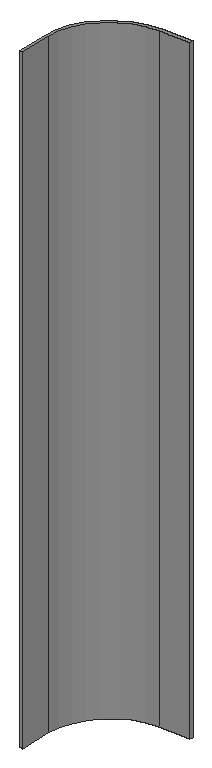
Revit family "Curved Walls Radius", category Generic Models, Revit 2016
Family settings
  Part Type = Normal
  Can host rebar = No
  Round Connector Dimension = Use Diameter
  Work Plane-Based = Yes
  Always vertical = No
  Cut with Voids When Loaded = No
  Shared = No
  Room Calculation Point = No
Parameters (values of type "1/2" Thk. x Custom R x 14" W x 14" H")
  URL = "www.curvedwalls.ca"
  Straight Transition Length B = 0' - 4"
  Straight Transition Length A = 0' - 4"
  Manufacturer = "Curved Walls Inc"
  Length (8' & 10' Standard) [instance] = 8' - 0"
  GWB Thickness (1/2") = 0' - 0 1/2"
  Description = "Prefabricated Drywall Profiles"
  Default Elevation = 0' - 0"
  Overall Dimension B = Straight Transition Length B + [Cove Radius (6" & 12" Standard)]  # 1' - 2"
  Cove Radius (6" & 12" Standard) = 0' - 10"
  Overall Dimension A = Straight Transition Length A + [Cove Radius (6" & 12" Standard)]  # 1' - 2"
  Blocking Visible [instance] = yes
Types (3): name | Straight Transition Length B | Straight Transition Length A | GWB Thickness (1/2") | Overall Dimension B | Cove Radius (6" & 12" Standard) | Overall Dimension A | Blocking Visible
  1/4" Thk. x 6" R x 8" W x 8" H | 0' - 2" | 0' - 2" | 0' - 0 1/4" | 0' - 8" | 0' - 6" | 0' - 8" | no
  1/2" Thk. x 12" R x 18" W x 20" H | 0' - 8" | 0' - 6" | 0' - 0 1/2" | 1' - 8" | 1' - 0" | 1' - 6" | no
  1/2" Thk. x Custom R x 14" W x 14" H | 0' - 4" | 0' - 4" | 0' - 0 1/2" | 1' - 2" | 0' - 10" | 1' - 2" | yes
Reference planes (in)
  plane 1 "Center (Front/Back)": y = 0
  plane 2: z = 0
  plane 3 "Center (Left/Right)": x = 0
  plane 4: z = 96
  plane 5: y = -14
  plane 6: x = -14
Forms (in)
  Extrusion 1, solid, material "Gypsum Wall Board - Curved Walls"
    sketch origin (0, 0, 0) x (1, 0, 0) y (0, 1, 0)
      loop
        arc (-4, 0) -> (-11.07107, -2.92893) -> (-14, -10) r 10
        line (-14, -10) -> (-14, -14.75) -> (-13.5, -14.75) -> (-13.5, -10)
        arc (-13.5, -10) -> (-10.71751, -3.28249) -> (-4, -0.5) r 9.5
        line (-4, -0.5) -> (0.75, -0.5) -> (0.75, 0) -> (-4, 0)
    from 0 to 96
Dimensions and locks (in)
  "Length (8' & 10' Standard)": plane 4 to plane 2
  "Overall Dimension A": plane 6 to plane 3 "Center (Left/Right)"
  "Overall Dimension B": plane 5 to plane 1 "Center (Front/Back)"
  aligned and locked: plane 2 to level
  aligned and locked: Extrusion 1 sketch curve to nested 1  (x4)
  aligned and locked: nested 1 to Extrusion 1 sketch curve  (x2)
  aligned and locked: Extrusion 1 to plane 4
  aligned and locked: Extrusion 1 to level
Nested families (in)
  nested 1: "Radius Detail Component" at (0, 0, 0), Blocking <- "Blocking Visible", type "1/2" Thick Drywall"
    with Blocking yes
Definition of nested family "Radius Detail Component"
  Parameters (values of type "1/2" Thick Drywall")
    Straight Transition - Vertical = B > 0' 0"  # yes
    Straight Transition - Horizontal = A > 0' 0"  # yes
    Radius = 0' - 6"
    Inner Radius = Radius - Drywall Thickness  # 0' - 5 3/4"
    Drywall Thickness = 0' - 0 1/4"
    D = B + Radius  # 0' - 8"
    C = A + Radius  # 0' - 8"
    Blocking [instance] = yes
    B = 0' - 2"
    A = 0' - 2"
  Reference planes (in)
    plane 1 "Center (Front/Back)": y = 0
    plane 2: z = 0
    plane 3 "Center (Left/Right)": x = 0
    plane 4: y = -8
    plane 5: x = -8
    plane 6: x = -2
    plane 7: y = -6
    plane 8: x = -7.75
    plane 9: y = -0.25
  Lines and regions (in)
    Filled region 1, type "Gypsum", in view "Ref. Level"
      outline origin (0, 0, 0) x (1, 0, 0) y (0, 1, 0)
        loop
          arc (-7.75, -6) -> (-6.06586, -1.93414) -> (-2, -0.25) r 5.75
          line (-2, -0.25) -> (-2, 0)
          arc (-2, 0) -> (-6.24264, -1.75736) -> (-8, -6) r 6
          line (-8, -6) -> (-7.75, -6)
    Filled region 2, type "Gypsum", in view "Ref. Level", visible <- "Straight Transition - Vertical"
      outline origin (0, 0, 0) x (1, 0, 0) y (0, 1, 0)
        loop
          line (-8, -5.96875) -> (-8, -8.75) -> (-7.75, -8.75) -> (-7.75, -5.96875) -> (-8, -5.96875)
    Filled region 3, type "Gypsum", in view "Ref. Level", visible <- "Straight Transition - Horizontal"
      outline origin (0, 0, 0) x (1, 0, 0) y (0, 1, 0)
        loop
          line (-2.03125, 0) -> (-2.03125, -0.25) -> (0.75, -0.25) -> (0.75, 0) -> (-2.03125, 0)
  Dimensions and locks (in)
    "A": plane 6 to plane 3 "Center (Left/Right)"
    "B": plane 7 to plane 4
    "D": plane 1 "Center (Front/Back)" to plane 4
    "C": plane 5 to plane 3 "Center (Left/Right)"
    locked: Filled region 2 sketch curve to plane 7 at 0.03125
    locked: Filled region 3 sketch curve to plane 6 at 0.03125
    "Drywall Thickness": plane 9 to plane 1 "Center (Front/Back)"
    "Drywall Thickness": plane 5 to plane 8
    "Radius": radius of Filled region 1 sketch curve
    "Inner Radius": radius of Filled region 1 sketch curve
    aligned and locked: plane 3 "Center (Left/Right)" to nested 1
    aligned and locked: plane 4 to nested 2
    aligned and locked: Filled region 2 sketch curve to plane 5
    aligned and locked: Filled region 3 sketch curve to plane 1 "Center (Front/Back)"
    aligned and locked: plane 6 to Filled region 1 sketch curve  (x2)
    aligned and locked: plane 7 to Filled region 1 sketch curve
    aligned and locked: Filled region 1 sketch curve to plane 6
    aligned and locked: Filled region 1 sketch curve to plane 7
    aligned and locked: Filled region 3 sketch curve to nested 1
    aligned and locked: Filled region 2 sketch curve to nested 2
    aligned and locked: Filled region 2 sketch curve to plane 8
    aligned and locked: Filled region 3 sketch curve to plane 9
    aligned and locked: plane 9 to nested 1
    aligned and locked: nested 2 to plane 8
  Nested families (in)
    nested 1: "M_Nominal Cut Lumber-Section" at (-0.75, -1.75, 0), visible <- "Blocking", type "1.5" x 1.5"", in view "Ref. Level"
    nested 2: "M_Nominal Cut Lumber-Section" at (-6.25, -8.75, 0) x (0, 1, 0) z (0, 0, 1), visible <- "Blocking", type "1.5" x 1.5"", in view "Ref. Level"
  Definition of nested family "M_Nominal Cut Lumber-Section"
    Parameters (values of type "1.5" x 1.5"")
      Width = 0' - 1 1/2"
      Depth = 0' - 1 1/2"
    Reference planes (in)
      plane 1 "Center (Front/Back)": y = 0
      plane 2: z = 0
      plane 3 "Center (Left/Right)": x = 0
      plane 4: y = 1.5
      plane 5: x = 1.5
      plane 6: x = 0.75
    Lines and regions (in)
      Masking region 1, in view "Ground floor"
        outline origin (0, 0, 0) x (1, 0, 0) y (0, 1, 0)
          loop
            line (0, 1.5) -> (0, 0) -> (1.5, 0) -> (1.5, 1.5) -> (0, 1.5)
      detail lines, in view "Ground floor"
        curve 1: line (1.5, 1.5, 0) -> (0, 0, 0)
        curve 2: line (1.5, 0, 0) -> (0, 1.5, 0)
    Dimensions and locks (in)
      "Width": plane 3 "Center (Left/Right)" to plane 5
      "Depth": plane 4 to plane 1 "Center (Front/Back)"
      equal spacing: plane 3 "Center (Left/Right)", plane 6, plane 5
      aligned and locked: Masking region 1 sketch curve to plane 1 "Center (Front/Back)"
      aligned and locked: plane 5 to Masking region 1 sketch curve
      aligned and locked: Masking region 1 sketch curve to plane 4
      aligned and locked: plane 3 "Center (Left/Right)" to Masking region 1 sketch curve
      aligned and locked: Masking region 1 to curve 1  (x2)
      aligned and locked: curve 2 to Masking region 1  (x2)
    Automatic sketch dimensions
      curve 2 to plane 1 "Center (Front/Back)" = 0' - 0"
      curve 1 to plane 1 "Center (Front/Back)" = 0' - 0"
      curve 2 to plane 4 = 0' - 0"
      curve 1 to plane 4 = 0' - 0"
